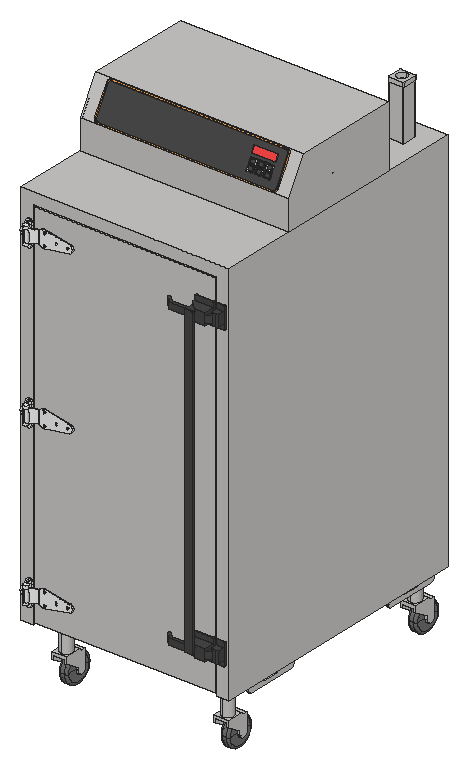
Revit family "QF_Southern Pride_SC-300", category Specialty Equipment, Revit 2019 (continued)
Definition of nested family "Southern Pride_Door-2"
  Automatic sketch dimensions
    Extrusion 15 sketch curve to Extrusion 15 sketch curve = 0.1568"
    Extrusion 15 sketch curve to plane 22 "Top Handle Bottom" = 0.25988"
    Extrusion 15 sketch curve to Extrusion 15 sketch curve = 2.0042"  (x2)
    plane 15 "Top Handle Bottom Inside" to Extrusion 15 sketch curve = 0.0422"
    plane 15 "Top Handle Bottom Inside" to Extrusion 15 sketch curve = 0.2556"
    Extrusion 15 sketch curve to plane 16 "Top Handle Top Inside" = 0.2215"
    Extrusion 15 sketch curve to Extrusion 15 sketch curve = 0.2711"
    plane 9 "Left Top Hinge CL Elev" to Extrusion 15 sketch curve = 0.9944"
    Extrusion 15 sketch curve to Extrusion 15 sketch curve = 0.2134"
    Extrusion 15 sketch curve to plane 6 "TOP" = 1.17762"
    plane 9 "Left Top Hinge CL Elev" to Extrusion 15 sketch curve = 0.40572"
    Extrusion 16 sketch curve to Extrusion 16 sketch curve = 0.000"  (x9)
    Extrusion 16 sketch curve to plane 12 = 0.000"
    plane 7 "Center Elev" to Extrusion 16 sketch curve = 0.3143"
    plane 12 to Extrusion 16 sketch curve = 0.66572"
    Extrusion 16 sketch curve to plane 7 "Center Elev" = 0.3135"
    Extrusion 16 sketch curve to Extrusion 16 sketch curve = 0.09038"  (x2)
    Extrusion 16 sketch curve to Extrusion 16 sketch curve = 0.0338"  (x2)
    plane 7 "Center Elev" to Extrusion 16 sketch curve = 0.0004"  (x4)
    Extrusion 16 sketch curve to Extrusion 16 sketch curve = 1.47068"
    Extrusion 16 sketch curve to Extrusion 16 sketch curve = 1.3803"
    Extrusion 16 sketch curve to Extrusion 16 sketch curve = 0.1748"  (x2)
    plane 7 "Center Elev" to Extrusion 16 sketch curve = 0.46212"
    plane 3 "LEFT" to Extrusion 16 sketch curve = 0.1379"  (x2)
    Extrusion 16 sketch curve to plane 3 "LEFT" = 0.2323"
    plane 8 "Left Hinge CL LR" to Extrusion 16 sketch curve = 0.0319"  (x2)
    Extrusion 16 sketch curve to plane 8 "Left Hinge CL LR" = 0.21933"  (x2)
    Extrusion 16 sketch curve to plane 8 "Left Hinge CL LR" = 0.4073"
    Extrusion 16 sketch curve to Extrusion 16 sketch curve = 0.1568"
    Extrusion 16 sketch curve to Extrusion 16 sketch curve = 2.0042"  (x2)
    Extrusion 16 sketch curve to plane 7 "Center Elev" = 1.82198"
    Extrusion 16 sketch curve to Extrusion 16 sketch curve = 0.70296"
    Extrusion 16 sketch curve to Extrusion 16 sketch curve = 0.2134"  (x2)
    Extrusion 16 sketch curve to Extrusion 16 sketch curve = 0.2711"  (x2)
    plane 7 "Center Elev" to Extrusion 16 sketch curve = 0.9948"
    plane 7 "Center Elev" to Extrusion 16 sketch curve = 1.82278"
    plane 8 "Left Hinge CL LR" to Extrusion 16 sketch curve = 0.28295"  (x2)
    plane 7 "Center Elev" to Extrusion 16 sketch curve = 0.40612"
    Extrusion 17 sketch curve to plane 20 = 0.125"  (x2)
    Extrusion 17 sketch curve to Extrusion 17 sketch curve = 0.125"  (x5)
    plane 19 to Extrusion 17 sketch curve = 0.125"
    Extrusion 18 sketch curve to plane 20 = 0.125"  (x2)
    Extrusion 18 sketch curve to Extrusion 18 sketch curve = 0.125"  (x5)
    plane 19 to Extrusion 18 sketch curve = 0.125"
    plane 17 "Bottom Handle Bottom Inside" to Extrusion 19 sketch curve = 0.125"
    Extrusion 19 sketch curve to Extrusion 19 sketch curve = 0.125"  (x3)
    Extrusion 22 sketch curve to plane 13 "Handle Front" = 0.000"
    plane 13 "Handle Front" to Extrusion 22 sketch curve = 0.03661"
    Extrusion 22 sketch curve to Extrusion 22 sketch curve = 0.08839"  (x3)
    plane 13 "Handle Front" to Extrusion 22 sketch curve = 0.4375"
    plane 19 to Extrusion 22 sketch curve = 0.07311"
    Extrusion 22 sketch curve to Extrusion 22 sketch curve = 0.16864"
    Extrusion 22 sketch curve to Extrusion 22 sketch curve = 0.17461"
    Extrusion 22 sketch curve to Extrusion 22 sketch curve = 0.188"
    Extrusion 22 sketch curve to Extrusion 22 sketch curve = 0.01936"
    plane 11 "Left Hinge CL FB" to Extrusion 22 sketch curve = 0.02589"
    Extrusion 22 sketch curve to plane 4 "FRONT" = 0.125"  (x2)
    Extrusion 22 sketch curve to plane 20 = 0.17503"
    Extrusion 22 sketch curve to plane 20 = 0.125"
    Extrusion 22 sketch curve to plane 5 "RIGHT" = 0.0625"
    Extrusion 22 sketch curve to Extrusion 22 sketch curve = 1.19822"
    Extrusion 22 sketch curve to Extrusion 22 sketch curve = 0.92678"
    Extrusion 22 sketch curve to plane 19 = 0.000"
    Extrusion 23 sketch curve to plane 13 "Handle Front" = 0.000"
    Extrusion 23 sketch curve to plane 19 = 0.000"
    plane 13 "Handle Front" to Extrusion 23 sketch curve = 0.03661"
    Extrusion 23 sketch curve to Extrusion 23 sketch curve = 0.08839"  (x3)
    plane 13 "Handle Front" to Extrusion 23 sketch curve = 0.4375"
    plane 19 to Extrusion 23 sketch curve = 0.07311"
    Extrusion 23 sketch curve to Extrusion 23 sketch curve = 0.16864"
    Extrusion 23 sketch curve to Extrusion 23 sketch curve = 0.17461"
    Extrusion 23 sketch curve to Extrusion 23 sketch curve = 0.188"  (x2)
    plane 11 "Left Hinge CL FB" to Extrusion 23 sketch curve = 0.02589"
    Extrusion 23 sketch curve to plane 4 "FRONT" = 0.125"  (x2)
    Extrusion 23 sketch curve to plane 20 = 0.36255"
    Extrusion 23 sketch curve to plane 5 "RIGHT" = 0.0625"
    Extrusion 23 sketch curve to Extrusion 23 sketch curve = 1.19822"
    Extrusion 23 sketch curve to Extrusion 23 sketch curve = 0.92678"
    Extrusion 23 sketch curve to plane 20 = 0.125"
    Extrusion 21 sketch curve to plane 13 "Handle Front" = 0.000"
    plane 13 "Handle Front" to Extrusion 21 sketch curve = 0.03661"
    Extrusion 21 sketch curve to Extrusion 21 sketch curve = 0.125"
    Extrusion 21 sketch curve to Extrusion 21 sketch curve = 0.17299"
    plane 13 "Handle Front" to Extrusion 21 sketch curve = 0.4375"
    Extrusion 21 sketch curve to plane 11 "Left Hinge CL FB" = 0.31878"
    Extrusion 21 sketch curve to Extrusion 21 sketch curve = 0.08839"  (x3)
    Extrusion 21 sketch curve to Extrusion 21 sketch curve = 0.03715"  (x4)
    Extrusion 21 sketch curve to plane 11 "Left Hinge CL FB" = 0.10485"
    Extrusion 21 sketch curve to plane 4 "FRONT" = 0.125"
    Extrusion 21 sketch curve to plane 5 "RIGHT" = 0.0625"  (x2)
    Extrusion 21 sketch curve to Extrusion 21 sketch curve = 2.250"
    Extrusion 21 sketch curve to Extrusion 21 sketch curve = 1.99513"
    Extrusion 21 sketch curve to Extrusion 21 sketch curve = 0.0781"
    Extrusion 21 sketch curve to Extrusion 21 sketch curve = 0.53466"
    Extrusion 21 sketch curve to plane 11 "Left Hinge CL FB" = 0.45067"
    plane 11 "Left Hinge CL FB" to Extrusion 21 sketch curve = 0.125"
    plane 19 to Extrusion 21 sketch curve = 0.02588"
    plane 19 to Extrusion 21 sketch curve = 0.07311"
    Extrusion 21 sketch curve to Extrusion 21 sketch curve = 0.11931"
    Extrusion 21 sketch curve to Extrusion 21 sketch curve = 0.01936"
    Extrusion 21 sketch curve to Extrusion 21 sketch curve = 0.12694"
    Extrusion 20 sketch curve to plane 13 "Handle Front" = 0.000"
    plane 13 "Handle Front" to Extrusion 20 sketch curve = 0.03661"
    Extrusion 20 sketch curve to Extrusion 20 sketch curve = 0.125"
    Extrusion 20 sketch curve to Extrusion 20 sketch curve = 0.17299"
    plane 13 "Handle Front" to Extrusion 20 sketch curve = 0.4375"
    Extrusion 20 sketch curve to plane 11 "Left Hinge CL FB" = 0.31878"
    Extrusion 20 sketch curve to Extrusion 20 sketch curve = 0.08839"  (x3)
    Extrusion 20 sketch curve to Extrusion 20 sketch curve = 0.03715"  (x4)
    Extrusion 20 sketch curve to plane 11 "Left Hinge CL FB" = 0.10485"
    Extrusion 20 sketch curve to plane 4 "FRONT" = 0.125"
    Extrusion 20 sketch curve to plane 5 "RIGHT" = 0.0625"  (x2)
    Extrusion 20 sketch curve to Extrusion 20 sketch curve = 2.250"
    Extrusion 20 sketch curve to Extrusion 20 sketch curve = 1.99513"
    Extrusion 20 sketch curve to Extrusion 20 sketch curve = 0.0781"
    Extrusion 20 sketch curve to Extrusion 20 sketch curve = 0.53466"
    plane 11 "Left Hinge CL FB" to Extrusion 20 sketch curve = 0.125"
    plane 19 to Extrusion 20 sketch curve = 0.02588"
    plane 19 to Extrusion 20 sketch curve = 0.13317"
    Extrusion 20 sketch curve to plane 11 "Left Hinge CL FB" = 0.45067"
    Extrusion 20 sketch curve to Extrusion 20 sketch curve = 0.13867"
    Extrusion 20 sketch curve to Extrusion 20 sketch curve = 0.12694"
    plane 19 to Extrusion 20 sketch curve = 0.07311"
    Extrusion 24 sketch curve to plane 8 "Left Hinge CL LR" = 0.000"
    Extrusion 24 sketch curve to plane 14 "Handle Bar Front" = 0.000"
    Extrusion 24 sketch curve to plane 5 "RIGHT" = 0.000"
    Extrusion 24 sketch curve to plane 25 "Center F/FF" = 0.000"
    plane 3 "LEFT" to Extrusion 24 sketch curve = 0.00708"
    curve 34 to plane 4 "FRONT" = 0.000"
    curve 42 to plane 11 "Left Hinge CL FB" = 0.000"
    curve 40 to plane 8 "Left Hinge CL LR" = 0.000"
    curve 5 to plane 8 "Left Hinge CL LR" = 0.000"
    curve 38 to plane 12 = 0.000"
    curve 7 to plane 13 "Handle Front" = 0.000"
    curve 14 to plane 14 "Handle Bar Front" = 0.000"
    curve 6 to plane 5 "RIGHT" = 0.000"
    curve 31 to plane 4 "FRONT" = 0.000"
    curve 31 to plane 19 = 0.000"
    curve 30 to plane 20 = 0.000"
    curve 5 to plane 25 "Center F/FF" = 0.000"
    curve 5 to plane 14 "Handle Bar Front" = 0.000"
    curve 6 to plane 14 "Handle Bar Front" = 0.000"
    curve 41 to plane 11 "Left Hinge CL FB" = 0.000"
    curve 36 to plane 4 "FRONT" = 0.125"
    curve 36 to plane 8 "Left Hinge CL LR" = 0.972"
    plane 8 "Left Hinge CL LR" to curve 39 = 0.24165"
    curve 36 to plane 3 "LEFT" = 0.2323"
    plane 3 "LEFT" to curve 6 = 0.00708"
    plane 12 to curve 38 = 0.29395"
    curve 8 to plane 11 "Left Hinge CL FB" = 0.31878"
    curve 8 to plane 5 "RIGHT" = 5.05622"
    curve 9 to plane 11 "Left Hinge CL FB" = 0.142"
    curve 9 to curve 8 = 0.000"
    curve 9 to plane 11 "Left Hinge CL FB" = 0.10485"
    curve 10 to curve 9 = 0.03715"
    curve 10 to curve 10 = 0.08839"
    curve 10 to curve 11 = 0.03715"  (x2)
    curve 12 to plane 11 "Left Hinge CL FB" = 0.10485"
    curve 10 to curve 7 = 0.61872"
    plane 13 "Handle Front" to curve 13 = 0.29799"
    curve 7 to curve 13 = 0.12987"
    curve 12 to curve 14 = 1.87013"
    curve 20 to curve 15 = 0.125"
    curve 14 to curve 19 = 1.000"
    curve 25 to plane 5 "RIGHT" = 0.0625"
    plane 19 to curve 24 = 0.07311"
    curve 24 to curve 28 = 0.187"
    curve 29 to plane 20 = 0.36255"
    curve 26 to plane 20 = 0.17503"
    curve 38 to plane 14 "Handle Bar Front" = 0.37807"
    plane 13 "Handle Front" to curve 29 = 0.4375"
    plane 13 "Handle Front" to curve 15 = 0.4375"
    curve 29 to curve 24 = 0.16864"
    curve 29 to curve 26 = 0.17461"
    curve 21 to plane 4 "FRONT" = 0.125"
    curve 30 to curve 30 = 0.125"
    curve 39 to plane 1 "BACK" = 0.27018"
    curve 42 to curve 40 = 0.2866"
    plane 8 "Left Hinge CL LR" to curve 39 = 0.03876"
    curve 44 to plane 4 "FRONT" = 0.125"
    curve 38 to curve 44 = 4.0104"
    plane 11 "Left Hinge CL FB" to curve 16 = 0.02589"
    curve 15 to curve 16 = 0.03661"
    plane 13 "Handle Front" to curve 16 = 0.03661"
    curve 19 to curve 16 = 0.08839"
    curve 22 to plane 5 "RIGHT" = 0.0625"
    plane 19 to curve 23 = 0.02588"
    plane 19 to curve 25 = 0.13317"
    curve 26 to plane 20 = 0.125"
    radius of Extrusion 2 sketch curve = 0.1666"  (x7)
    radius of Extrusion 5 sketch curve = 0.2866"
    radius of Extrusion 8 sketch curve = 0.2866"
    radius of Extrusion 11 sketch curve = 0.2866"
    radius of Extrusion 15 sketch curve = 0.1666"  (x7)
    radius of Extrusion 16 sketch curve = 0.1666"  (x7)
Definition of nested family "FESCasterLeg-2018"
  Parameters (values of type "FESCasterLeg-2018")
    Watermarked By = ""
    Standard Caster Mount [instance] = and(Overall Height > 3.98438", Caster)  # yes
    Overall Height [instance] = 6.000"
    Optional Caster Mount [instance] = and(Overall Height < 3.98438", Caster)  # no
    Mount Depth [instance] = if(Overall Height < 3.98438", 0.000", 1.250")  # 1.250"
    Leg Material [instance] = none
    Leg [instance] = no
    Caster Straight SL [instance] = and(Caster, not(Caster 45 Degree Lines))  # no
    Caster Radius [instance] = (Overall Height / 2) - 0.500"  # 2.500"
    Caster Mount Diameter [instance] = 1.500"
    Caster 45 Degree Lines [instance] = and(Caster, Caster 45 Degree SL)  # yes
    Caster [instance] = yes
    Caster 45 Degree SL [instance] = yes
  Reference planes (in)
    plane 1 "Center FB": y = 0
    plane 2: z = 0
    plane 3 "Center LR": x = -16.56573
    plane 4 "TOP": z = 6
    plane 5 "Caster Center": z = 2.5
    plane 6 "Caster": y = 1.25
    plane 7 "LEFT": x = -17.44073
    plane 8 "RIGHT": x = -15.69073
    plane 9: z = 5.5
    plane 10: z = 5.25
    plane 11 "45LR": through (-21.90442, -5.33869, 48) normal (-0.7071, 0.7071, 0)
    plane 12 "45RL": through (-10.33166, -6.23407, 48) normal (-0.7071, -0.7071, 0)
  Forms (in)
    Extrusion 1, solid, visible <- "Standard Caster Mount"
      sketch origin (-17.44073, 0, 0) x (0, 1, 0) y (0, 0, 1)
        loop
          line (1.75, 2.5) -> (1.75, 5.25) -> (1.25, 5.25) -> (1, 5.5) -> (-1, 5.5) -> (-1, 4.75) -> (0.75, 2.875) -> (0.75, 2.5)
          arc (0.75, 2.5) -> (1.25, 2) -> (1.75, 2.5) r 0.5
      from 0 to 1.75
    Extrusion 2, void
      sketch origin (0, 1.25, 0) x (1, 0, 0) y (0, 0, 1)
        loop
          line (-15.94073, 5.125) -> (-17.19073, 5.125) -> (-17.19073, 1.875) -> (-15.94073, 1.875) -> (-15.94073, 5.125)
      from -0.5 to 2.25
    Revolve 3, solid, visible <- "Caster"
      sketch origin (0, 0, 2.5) x (0, 1, 0) y (-1, 0, 0)
        loop
          arc (3.75, 16.81573) -> (3.67678, 16.9925) -> (3.5, 17.06573) r 0.25
          line (3.5, 17.06573) -> (1.25, 17.06573) -> (1.25, 16.06573) -> (3.5, 16.06573)
          arc (3.5, 16.06573) -> (3.67678, 16.13895) -> (3.75, 16.31573) r 0.25
          line (3.75, 16.31573) -> (3.75, 16.81573)
        axis (1.25, 16.06573) -> (1.25, 17.06573)
      angle from 0 to 360
    Extrusion 4, solid, visible <- "Optional Caster Mount"
      sketch origin (-17.44073, 0, 0) x (0, 1, 0) y (0, 0, 1)
        loop
          line (1.75, 2.5) -> (1.75, 6) -> (0.75, 6) -> (0.75, 2.5)
          arc (0.75, 2.5) -> (1.25, 2) -> (1.75, 2.5) r 0.5
      from 0 to 0.25
    Extrusion 5, solid, visible <- "Optional Caster Mount"
      sketch origin (-15.69073, 0, 0) x (0, 1, 0) y (0, 0, 1)
        loop
          line (1.75, 2.5) -> (1.75, 6) -> (0.75, 6) -> (0.75, 2.5)
          arc (0.75, 2.5) -> (1.25, 2) -> (1.75, 2.5) r 0.5
      from 0 to -0.25
    Extrusion 6, solid, visible <- "Optional Caster Mount"
      sketch origin (-16.56573, 0, 0) x (0, 1, 0) y (0, 0, 1)
        loop
          line (1.75, 6) -> (0.75, 6) -> (0.75, 5.125) -> (1.75, 5.125) -> (1.75, 6)
      from -0.625 to 0.625
    Extrusion 7, solid, visible <- "Standard Caster Mount"
      sketch origin (0, 0, 6) x (0, 1, 0) y (-1, 0, 0)
        loop
          circle (0, 16.56573) r 0.75
      from 0 to -0.5
    Blend 8, solid, material <- "Leg Material", visible <- "Leg"
      base sketch origin (0, 0, 0) x (1, 0, 0) y (0, 1, 0)
        loop
          circle (-16.56573, 0) r 0.5
      top sketch origin (0, 0, 0) x (1, 0, 0) y (0, 1, 0)
        loop
          circle (-16.56573, 0) r 1
      from 0 to 6
  Cuts and joins
    Extrusion 2 cuts Extrusion 1
  Lines and regions (in)
    symbolic lines, visible <- "Caster Straight SL"
      curve 1: line (-17.06573, -1.25, 0) -> (-17.06573, 2.75, 0)
      curve 2: line (-16.06573, -1.25, 0) -> (-16.06573, 2.75, 0)
    symbolic lines, visible <- "Caster 45 Degree Lines"
      curve 3: line (-17.97994, -0.70711, 0) -> (-15.15151, 2.12132, 0)
      curve 4: line (-17.27283, -1.41421, 0) -> (-14.44441, 1.41421, 0)
  Dimensions and locks (in)
    "Overall Height": plane 4 "TOP" to level
    "Caster Radius": plane 5 "Caster Center" to level
    "Mount Depth": plane 1 "Center FB" to plane 6 "Caster"
    locked: plane 7 "LEFT" to plane 8 "RIGHT" at 1.75
    equal spacing: plane 7 "LEFT", plane 3 "Center LR", plane 8 "RIGHT"
    locked: plane 9 to plane 10 at 0.25
    locked: plane 4 "TOP" to plane 9 at 0.5
    locked: Extrusion 1 sketch curve to plane 6 "Caster" at 0.5
    locked: plane 6 "Caster" to Extrusion 1 sketch curve at 0.5
    locked: plane 6 "Caster" to Extrusion 1 sketch curve at 0.25
    locked: plane 9 to Extrusion 1 sketch curve at 0.75
    locked: Extrusion 1 sketch curve to plane 5 "Caster Center" at 0.375
    locked: plane 6 "Caster" to Extrusion 1 sketch curve at 2.25
    locked: plane 5 "Caster Center" to Extrusion 2 sketch curve at 0.625
    Extrusion 2 sketch curve to plane 3 "Center LR" to Extrusion 2 sketch curve = 0.625" locked, 0.625" locked
    locked: plane 9 to Extrusion 2 sketch curve at 0.375
    "Caster Radius": plane 6 "Caster" to Revolve 3 sketch curve
    Revolve 3 sketch curve to plane 3 "Center LR" to Revolve 3 sketch curve = 0.500" locked, 0.500" locked
    Extrusion 4 sketch curve to plane 6 "Caster" to Extrusion 4 sketch curve = 0.500" locked, 0.500" locked
    locked: Extrusion 4 sketch curve to plane 5 "Caster Center" at 0
    Extrusion 5 sketch curve to plane 6 "Caster" to Extrusion 5 sketch curve = 0.500" locked, 0.500" locked
    Extrusion 6 sketch curve to plane 6 "Caster" to Extrusion 6 sketch curve = 0.500" locked, 0.500" locked
    locked: plane 4 "TOP" to Extrusion 6 sketch curve at 0.875
    locked: plane 6 "Caster" to curve 1 at 1.5
    locked: plane 6 "Caster" to curve 2 at 1.5
    "Caster Radius": curve 2 to plane 6 "Caster"
    "Caster Radius": curve 1 to plane 6 "Caster"
    locked: curve 3 to plane 12 "45RL" at 1.5
    "Caster Radius": plane 12 "45RL" to curve 3
    locked: plane 11 "45LR" to curve 3 at 0.5
    locked: curve 4 to plane 11 "45LR" at 0.5
    locked: curve 4 to plane 12 "45RL" at 1.5
    "Caster Radius": plane 12 "45RL" to curve 4
    "Caster Mount Diameter": diameter of Extrusion 7 sketch curve
    aligned and locked: level to plane 2
    aligned and locked: Extrusion 1 sketch curve to plane 10
    aligned and locked: Extrusion 1 sketch curve to plane 9
    aligned and locked: plane 5 "Caster Center" to Extrusion 1 sketch curve  (x2)
    aligned and locked: plane 8 "RIGHT" to Extrusion 1
    aligned and locked: Extrusion 1 to Extrusion 2  (x2)
    aligned and locked: Revolve 3 sketch curve to plane 6 "Caster"
    aligned and locked: plane 6 "Caster" to Revolve 3 sketch curve
    aligned and locked: plane 4 "TOP" to Extrusion 4 sketch curve
    aligned and locked: plane 4 "TOP" to Extrusion 5 sketch curve
    aligned and locked: Extrusion 6 sketch curve to plane 4 "TOP"
    aligned and locked: Extrusion 7 to plane 9
    aligned and locked: plane 4 "TOP" to Blend 8
  Automatic sketch dimensions
    Extrusion 5 sketch curve to plane 5 "Caster Center" = 0.000"
    plane 1 "Center FB" to Blend 8 sketch curve = 0.000"  (x2)
    Blend 8 sketch curve to plane 3 "Center LR" = 0.000"  (x2)
    Extrusion 1 sketch curve to plane 6 "Caster" = 0.000"
    plane 7 "LEFT" to curve 1 = 0.375"
    curve 2 to plane 8 "RIGHT" = 0.375"
    Revolve 3 sketch curve to Revolve 3 sketch curve = 0.250"  (x2)
    plane 8 "RIGHT" to Revolve 3 sketch curve = 75.69073"
    Revolve 3 sketch curve to plane 7 "LEFT" = 42.55927"
    plane 1 "Center FB" to Extrusion 7 sketch curve = 0.000"
    Extrusion 7 sketch curve to plane 3 "Center LR" = 0.000"
    radius of Blend 8 sketch curve = 0.500"
    radius of Blend 8 sketch curve = 1.000"
Definition of nested family "Southern Pride_Pan"
  Parameters (values of type "Southern Pride_Pan")
    Width [instance] = 12.000"
    Watermarked By = ""
    URL = ""
    Symbolic Lines [instance] = yes
    Pan Depth [instance] = 2.000"
    Model = ""
    Material [instance] = none
    Manufacturer = ""
    Horizontal Depth [instance] = 24.000"
    Description = "Food Pan"
  Reference planes (in)
    plane 1 "BACK": y = 0
    plane 2 "BOTTOM": z = 0
    plane 3 "LEFT": x = -16.56573
    plane 4 "RIGHT": x = -4.56573
    plane 5 "FRONT": y = -24
    plane 6 "BASE TOP": z = 0.125
    plane 7: x = -16.06573
    plane 8: x = -5.06573
    plane 9 "Pan Bottom": z = -2
    plane 10: y = -0.5
    plane 11: y = -23.5
    plane 12: y = -1
    plane 13: y = -23
    plane 14: x = -5.56573
    plane 15: x = -15.56573
    plane 16: z = -1.5
    plane 17: y = -1.5
    plane 18: y = -22.5
    plane 19: x = -6.06573
    plane 20: x = -15.06573
    plane 21: z = -1.875
    plane 22: z = -5
  Forms (in)
    Extrusion 1, solid, material <- "Material"
      sketch origin (0, 0, 0) x (1, 0, 0) y (0, 1, 0)
        loop
          arc (-16.06573, 0) -> (-16.41928, -0.14645) -> (-16.56573, -0.5) r 0.5
          line (-16.56573, -0.5) -> (-16.56573, -23.5)
          arc (-16.56573, -23.5) -> (-16.41928, -23.85355) -> (-16.06573, -24) r 0.5
          line (-16.06573, -24) -> (-5.06573, -24)
          arc (-5.06573, -24) -> (-4.71217, -23.85355) -> (-4.56573, -23.5) r 0.5
          line (-4.56573, -23.5) -> (-4.56573, -0.5)
          arc (-4.56573, -0.5) -> (-4.71217, -0.14645) -> (-5.06573, 0) r 0.5
          line (-5.06573, 0) -> (-16.06573, 0)
        loop
          arc (-15.06573, -0.63) -> (-15.68091, -0.88482) -> (-15.93573, -1.5) r 0.87
          line (-15.93573, -1.5) -> (-15.93573, -22.5)
          arc (-15.93573, -22.5) -> (-15.68091, -23.11518) -> (-15.06573, -23.37) r 0.87
          line (-15.06573, -23.37) -> (-6.06573, -23.37)
          arc (-6.06573, -23.37) -> (-5.45054, -23.11518) -> (-5.19573, -22.5) r 0.87
          line (-5.19573, -22.5) -> (-5.19573, -1.5)
          arc (-5.19573, -1.5) -> (-5.45054, -0.88482) -> (-6.06573, -0.63) r 0.87
          line (-6.06573, -0.63) -> (-15.06573, -0.63)
      from 0 to 0.125
    Sweep 2, solid, material <- "Material"
      path origin (0, 0, 0) x (1, 0, 0) y (0, 1, 0)
        loop
          arc (-15.06573, -0.5) -> (-15.77283, -0.79289) -> (-16.06573, -1.5) r 1
          line (-16.06573, -1.5) -> (-16.06573, -22.5)
          arc (-16.06573, -22.5) -> (-15.77283, -23.20711) -> (-15.06573, -23.5) r 1
          line (-15.06573, -23.5) -> (-6.06573, -23.5)
          arc (-6.06573, -23.5) -> (-5.35862, -23.20711) -> (-5.06573, -22.5) r 1
          line (-5.06573, -22.5) -> (-5.06573, -1.5)
          arc (-5.06573, -1.5) -> (-5.35862, -0.79289) -> (-6.06573, -0.5) r 1
          line (-6.06573, -0.5) -> (-15.06573, -0.5)
      profile origin (-10.56573, -0.5, 0) x (0, 1, 0) y (0, 0, 1)
        loop
          line (0, 0) -> (-0.125, 0) -> (-0.5, -1.5)
          arc (-0.5, -1.5) -> (-0.56027, -1.70921) -> (-0.70139, -1.875) r 0.51643
          line (-0.70139, -1.875) -> (-0.70139, -2)
          arc (-0.70139, -2) -> (-0.47299, -1.79256) -> (-0.375, -1.5) r 0.61128
          line (-0.375, -1.5) -> (0, 0)
    Extrusion 3, solid, material <- "Material"
      sketch origin (0, 0, -2) x (0, 1, 0) y (-1, 0, 0)
        loop
          arc (-1.20139, 15.06573) -> (-1.28885, 15.27687) -> (-1.5, 15.36433) r 0.29861
          line (-1.5, 15.36433) -> (-22.5, 15.36433)
          arc (-22.5, 15.36433) -> (-22.71115, 15.27687) -> (-22.79861, 15.06573) r 0.29861
          line (-22.79861, 15.06573) -> (-22.79861, 6.06573)
          arc (-22.79861, 6.06573) -> (-22.71115, 5.85458) -> (-22.5, 5.76712) r 0.29861
          line (-22.5, 5.76712) -> (-1.5, 5.76712)
          arc (-1.5, 5.76712) -> (-1.28885, 5.85458) -> (-1.20139, 6.06573) r 0.29861
          line (-1.20139, 6.06573) -> (-1.20139, 15.06573)
      from 0 to 0.125
  Lines and regions (in)
    symbolic lines, visible <- "Symbolic Lines"
      curve 1: line (-16.06573, 0, -2) -> (-5.06573, 0, -2)
      curve 2: line (-16.56573, -23.5, -2) -> (-16.56573, -0.5, -2)
      curve 3: line (-5.06573, -24, -2) -> (-16.06573, -24, -2)
      curve 4: line (-4.56573, -0.5, -2) -> (-4.56573, -23.5, -2)
      curve 5: arc (-16.56573, -23.5, -2) -> (-16.41928, -23.85355, -2) -> (-16.06573, -24, -2) r 0.5
      curve 6: arc (-5.06573, -24, -2) -> (-4.71217, -23.85355, -2) -> (-4.56573, -23.5, -2) r 0.5
      curve 7: arc (-16.06573, 0, -2) -> (-16.41928, -0.14645, -2) -> (-16.56573, -0.5, -2) r 0.5
      curve 8: arc (-4.56573, -0.5, -2) -> (-4.71217, -0.14645, -2) -> (-5.06573, 0, -2) r 0.5
  Dimensions and locks (in)
    "Width": plane 3 "LEFT" to plane 4 "RIGHT"
    "Horizontal Depth": plane 5 "FRONT" to plane 1 "BACK"
    locked: plane 6 "BASE TOP" to level at 0.125
    "Pan Depth": level to plane 9 "Pan Bottom"
    locked: plane 3 "LEFT" to plane 7 at 0.5
    locked: plane 8 to plane 4 "RIGHT" at 0.5
    locked: plane 1 "BACK" to plane 10 at 0.5
    locked: plane 11 to plane 5 "FRONT" at 0.5
    locked: plane 10 to plane 12 at 0.5
    locked: plane 13 to plane 11 at 0.5
    locked: plane 7 to plane 15 at 0.5
    locked: plane 14 to plane 8 at 0.5
    locked: plane 16 to plane 9 "Pan Bottom" at 0.5
    locked: plane 15 to plane 20 at 0.5
    locked: plane 19 to plane 14 at 0.5
    locked: plane 12 to plane 17 at 0.5
    locked: plane 18 to plane 13 at 0.5
    locked: plane 21 to plane 9 "Pan Bottom" at 0.125
    locked: Extrusion 1 sketch curve to plane 11 at 0.13
    locked: plane 10 to Extrusion 1 sketch curve at 0.13
    locked: plane 7 to Extrusion 1 sketch curve at 0.13
    locked: Extrusion 1 sketch curve to plane 8 at 0.13
    aligned and locked: level to plane 2 "BOTTOM"
    aligned and locked: plane 1 "BACK" to Extrusion 1 sketch curve
    aligned and locked: plane 3 "LEFT" to Extrusion 1 sketch curve
    aligned and locked: plane 5 "FRONT" to Extrusion 1 sketch curve
    aligned and locked: Extrusion 1 sketch curve to plane 4 "RIGHT"
    aligned and locked: Sweep 2 sketch curve to plane 10
    aligned and locked: Sweep 2 sketch curve to plane 7
    aligned and locked: plane 11 to Sweep 2 sketch curve
    aligned and locked: Extrusion 3 sketch curve to Sweep 2  (x4)
    aligned and locked: plane 1 "BACK" to curve 1
    aligned and locked: curve 4 to plane 4 "RIGHT"
    aligned and locked: plane 3 "LEFT" to curve 2
    aligned and locked: plane 5 "FRONT" to curve 3
  Automatic sketch dimensions
    Extrusion 1 sketch curve to plane 7 = 0.000"  (x2)
    Extrusion 1 sketch curve to plane 8 = 0.000"  (x2)
    Sweep 2 sketch curve to plane 12 = 0.500"
    plane 15 to Sweep 2 sketch curve = 0.500"
    Sweep 2 sketch curve to plane 14 = 0.500"
    Sweep 2 sketch curve to plane 19 = 0.000"
    Sweep 2 sketch curve to plane 8 = 0.000"
    Sweep 2 sketch curve to plane 21 = 0.000"
    Sweep 2 sketch curve to level = 0.000"
    Sweep 2 sketch curve to profile plane = 0.000"
    Sweep 2 sketch curve to Sweep 2 sketch curve = 0.125"  (x3)
    profile plane to Sweep 2 sketch curve = 0.500"
    Sweep 2 sketch curve to Sweep 2 sketch curve = 0.20139"
    Sweep 2 sketch curve to Sweep 2 sketch curve = 0.48487"
    Sweep 2 sketch curve to Sweep 2 sketch curve = 0.03037"
    plane 21 to Sweep 2 sketch curve = 0.375"
    Sweep 2 sketch curve to Sweep 2 sketch curve = 0.00645"
    Extrusion 1 sketch curve to plane 17 = 0.000"
    Extrusion 1 sketch curve to plane 20 = 0.000"
    Extrusion 1 sketch curve to plane 19 = 0.000"  (x2)
    curve 2 to plane 11 = 0.000"
    curve 6 to plane 11 = 0.000"
    curve 7 to plane 7 = 0.000"
    curve 1 to plane 8 = 0.000"
